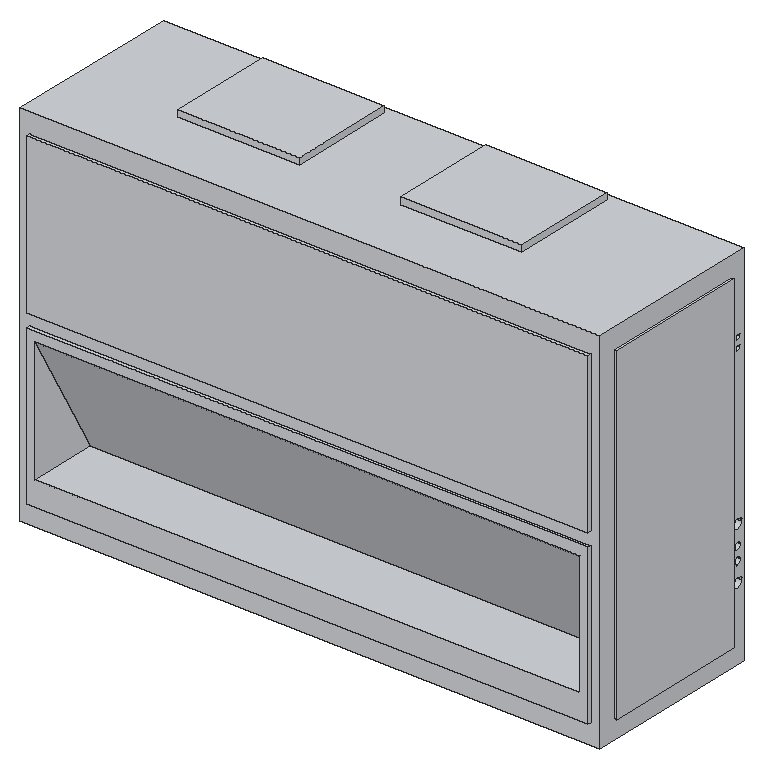
Revit family "M_Unidade de manipulação de ar - Empacotado vertical - DX - 44-88 kW", category Equipamento mecânico, Revit 2019
Family settings
  Cota do conector redondo = Usar raio
  Tipo de parte = Normal
  Número OmniClass = 23.75.35.14.17
  Título OmniClass = Modular Indoor Air Handling Units
  ID de item do Seek = Air Handling Unit - Vertical Packaged - DX - 44-88 kW-0000-CAN-ENU
  Com base no plano de trabalho = Não
  Sempre na vertical = Sim
  Corte com vazios quando carregada = Não
  Compartilhado = Não
  Ponto de cálculo do ambiente = Não
Parameters (values of type "2350 LPS")
  Pressão de trabalho [instance] = 2999219.3 Pa
  Voltagem = 480 V
  Largura de saída do ar de fornecimento = 466.7 mm
  Altura de saída do ar de fornecimento = 408 mm
  Largura da saída do ar de retorno = 2100 mm
  Altura da saída do ar de retorno = 475 mm
  Raio da fiação de alimentação = Diâmetro da fiação de alimentação / 2  # 11.115 mm
  Diâmetro da fiação de alimentação = 22.23 mm
  Raio da saída = Diâmetro da saída / 2  # 20 mm
  Diâmetro da saída = 40 mm
  Carga da operação [instance] = "4.0 lb"
  Número de pólos = 3
  Capacidade nominal [instance] = 43960.7 W
  Classificação de carga = Refrigeração
  Raio da embocadura = Diâmetro da embocadura / 2  # 15 mm
  Diâmetro da embocadura = 30 mm
  Pressão estática externa [instance] = 497.68 Pa
  Raio da drenagem = Diâmetro da drenagem / 2  # 15 mm
  Fluxo da drenagem [instance] = 0.0 L/s
  Diâmetro da drenagem = 30 mm
  Distância = 390.5 mm
  Raio da fiação de controle = Diâmetro da fiação de controle / 2  # 11.115 mm
  Diâmetro da fiação de controle = 22.23 mm
  C9 Deslocamento 1 = 1090.6 mm
  Carga aparente = 4560 VA
  Fluxo de ar = 2359.74 L/s
  Largura do AHU = 716 mm
  Material do AHU = none
  Comprimento do AHU = 2260.6 mm
  Altura do AHU = 1424 mm
Types (5, lengths in mm): name | Largura de saída do ar de fornecimento | Altura de saída do ar de fornecimento | Largura da saída do ar de retorno | Altura da saída do ar de retorno | Carga da operação | Capacidade nominal | Raio da drenagem | Diâmetro da drenagem | Distância | C9 Deslocamento 1 | Carga aparente | Fluxo de ar | Largura do AHU | Comprimento do AHU | Altura do AHU
  (no name) | 466.7 | 408 | 2100 | 475 | "4.0 lb" | 43960.7 W | 15 | 30 | 390.5 | 1090.6 | 4560 VA | 2359.74 L/s | 716 | 2260.6 | 1424
  2350 LPS | 466.7 | 408 | 2100 | 475 | "4.0 lb" | 43960.7 W | 15 | 30 | 390.5 | 1090.6 | 4560 VA | 2359.74 L/s | 716 | 2260.6 | 1424
  2820 LPS | 466.7 | 408 | 2100 | 475 | "5.0 lb" | 52752.8 W | 15 | 30 | 390.5 | 1090.6 | 5330 VA | 2831.68 L/s | 716 | 2260.6 | 1424
  3760 LPS | 466.7 | 408 | 2100 | 475 | "7.0 lb" | 70337.1 W | 15 | 30 | 390.5 | 1090.6 | 7670 VA | 3775.58 L/s | 716 | 2260.6 | 1424
  4700 LPS | 547.7 | 484.2 | 2350 | 650 | "9.0 lb" | 87921.3 W | 20 | 40 | 479.4 | 1297 | 8710 VA | 4719.47 L/s | 828.7 | 2514.6 | 1665.3
Reference planes
  plane 1 "Centro (Frente/Trás)": y = 0
  plane 2: z = 0
  plane 3 "Centro (Esquerda/Direita)": x = 0
  plane 4: y = 716
  plane 5: x = 2260.6
  plane 6: y = 703.3
  plane 7: y = 12.7
  plane 8: y = 639.8
  plane 9: y = 76.2
  plane 10: x = 50.8
  plane 11: x = 2209.8
  plane 12: x = 12.7
  plane 13: x = 2247.9
  plane 14: z = 1424
  plane 15: z = 1449.4
  plane 16: z = 1347.8
  plane 17: z = 76.2
  plane 18: z = 712
  plane 19: z = 737.4
  plane 20: z = 686.6
  plane 21: x = 419.1
  plane 22: x = 885.8
  plane 23: x = 1276.3
  plane 24: x = 1743
  plane 25: y = 674.725
  plane 26: y = 266.725
  plane 27: x = 79.375
  plane 28: z = 171.45
  plane 29: z = 646.45
  plane 30: x = 2179.375
  plane 31: z = 38.1
  plane 32: z = 280.988
  plane 33: z = 357.188
  plane 34: z = 407.988
  plane 35: z = 484.188
  plane 36: z = 1090.6
  plane 37: z = 1128.7
Forms (mm)
  Extrusion 1, solid, material <- "Material do AHU"
    sketch origin (0, 0, 0) x (1, 0, 0) y (0, 1, 0)
      loop
        line (12.7, 703.3) -> (12.7, 12.7) -> (2247.9, 12.7) -> (2247.9, 703.3) -> (12.7, 703.3)
    from 0 to 1424
  Extrusion 2, solid, material <- "Material do AHU"
    sketch origin (0, 0, 0) x (1, 0, 0) y (0, 1, 0)
      loop
        line (50.8, 716) -> (50.8, 0) -> (2209.8, 0) -> (2209.8, 716) -> (50.8, 716)
    from 737.4 to 1347.8
  Extrusion 3, solid, material <- "Material do AHU"
    sketch origin (0, 0, 0) x (1, 0, 0) y (0, 1, 0)
      loop
        line (0, 639.8) -> (0, 76.2) -> (2260.6, 76.2) -> (2260.6, 639.8) -> (0, 639.8)
    from 76.2 to 1347.8
  Extrusion 4, solid, material <- "Material do AHU"
    sketch origin (0, 0, 1665.288) x (0, -1, 0) y (1, 0, 0)
      loop
        line (-716, 50.8) -> (0, 50.8) -> (0, 2209.8) -> (-716, 2209.8) -> (-716, 50.8)
    from -1589.088 to -978.688
  Extrusion 5, solid, material <- "Material do AHU"
    sketch origin (0, 0, 0) x (1, 0, 0) y (0, 1, 0)
      loop
        line (419.1, 674.725) -> (419.1, 266.725) -> (885.8, 266.725) -> (885.8, 674.725) -> (419.1, 674.725)
    from 1424 to 1449.4
  Extrusion 6, solid, material <- "Material do AHU"
    sketch origin (0, 0, 0) x (1, 0, 0) y (0, 1, 0)
      loop
        line (1276.3, 674.725) -> (1276.3, 266.725) -> (1743, 266.725) -> (1743, 674.725) -> (1276.3, 674.725)
    from 1424 to 1449.4
  Extrusion 7, void
    sketch origin (0, 0, 0) x (0, 1, 0) y (0, 0, 1)
      loop
        line (0, 646.45) -> (0, 171.45) -> (266.725, 171.45) -> (0, 646.45)
    from 79.375 to 2179.375
  Extrusion 8, void
    sketch origin (0, 0, 0) x (0, 1, 0) y (0, 0, 1)
      loop
        circle (674.725, 76.2) r 15
    from 12.7 to 50.8
  Extrusion 9, void
    sketch origin (0, 0, 0) x (0, 1, 0) y (0, 0, 1)
      loop
        circle (674.725, 280.988) r 20
    from 2179.375 to 2247.9
  Extrusion 10, void
    sketch origin (0, 0, 0) x (0, 1, 0) y (0, 0, 1)
      loop
        circle (674.725, 357.188) r 15
    from 2209.8 to 2247.9
  Extrusion 11, void
    sketch origin (0, 0, 0) x (0, 1, 0) y (0, 0, 1)
      loop
        circle (674.725, 407.988) r 15
    from 2247.9 to 2209.8
  Extrusion 12, void
    sketch origin (0, 0, 0) x (0, 1, 0) y (0, 0, 1)
      loop
        circle (674.725, 484.188) r 20
    from 2209.8 to 2247.9
  Extrusion 13, void
    sketch origin (0, 0, 0) x (0, 1, 0) y (0, 0, 1)
      loop
        circle (674.725, 1090.6) r 11.115
    from 2209.8 to 2247.9
  Extrusion 14, void
    sketch origin (0, 0, 0) x (0, 1, 0) y (0, 0, 1)
      loop
        circle (674.725, 1128.7) r 11.115
    from 2209.8 to 2247.9
Cuts and joins
  Extrusion 7, Extrusion 8, Extrusion 9, Extrusion 10, Extrusion 11, Extrusion 12, Extrusion 13, Extrusion 14 cuts Extrusion 1
  Extrusion 13 cuts Extrusion 2
  Extrusion 7, Extrusion 13 cuts Extrusion 3
  Extrusion 7, Extrusion 13 cuts Extrusion 4
  Extrusion 13 cuts Extrusion 5
  Extrusion 13 cuts Extrusion 6
  joined: Extrusion 1, Extrusion 2, Extrusion 3, Extrusion 4, Extrusion 5, Extrusion 6
Dimensions and locks
  "Largura do AHU": plane 1 "Centro (Frente/Trás)" to plane 4
  "Comprimento do AHU": plane 3 "Centro (Esquerda/Direita)" to plane 5
  locked: plane 6 to plane 4 at 12.7
  locked: plane 1 "Centro (Frente/Trás)" to plane 7 at 12.7
  locked: plane 8 to plane 4 at 76.2
  locked: plane 1 "Centro (Frente/Trás)" to plane 9 at 76.2
  locked: plane 3 "Centro (Esquerda/Direita)" to plane 10 at 50.8
  locked: plane 11 to plane 5 at 50.8
  locked: plane 3 "Centro (Esquerda/Direita)" to plane 12 at 12.7
  locked: plane 13 to plane 5 at 12.7
  "Altura do AHU": plane 14 to plane 2
  locked: plane 15 to plane 14 at 25.4
  locked: plane 14 to plane 16 at 76.2
  locked: plane 17 to plane 2 at 76.2
  equal spacing: plane 14, plane 18, plane 2
  locked: plane 3 "Centro (Esquerda/Direita)" to plane 21 at 419.1
  "Largura de saída do ar de fornecimento": plane 21 to plane 22
  "Distância": plane 22 to plane 23
  "Largura de saída do ar de fornecimento": plane 23 to plane 24
  locked: plane 25 to plane 4 at 41.275
  "Altura de saída do ar de fornecimento": plane 25 to plane 26
  locked: plane 27 to plane 3 "Centro (Esquerda/Direita)" at 79.375
  locked: plane 28 to plane 2 at 171.45
  "Altura da saída do ar de retorno": plane 29 to plane 28
  "Largura da saída do ar de retorno": plane 30 to plane 27
  locked: plane 31 to plane 2 at 38.1
  locked: plane 32 to plane 2 at 280.988
  locked: plane 33 to plane 2 at 357.188
  locked: plane 34 to plane 2 at 407.987
  locked: plane 35 to plane 2 at 484.188
  "C9 Deslocamento 1": plane 36 to plane 2
  locked: plane 37 to plane 36 at 38.1
  locked: plane 19 to plane 18 at 25.4
  locked: plane 18 to plane 20 at 25.4
  "Raio da drenagem": radius of Extrusion 8 sketch curve
  "Raio da saída": radius of Extrusion 9 sketch curve
  "Raio da embocadura": radius of Extrusion 10 sketch curve
  "Raio da embocadura": radius of Extrusion 11 sketch curve
  "Raio da saída": radius of Extrusion 12 sketch curve
  "Raio da fiação de alimentação": radius of Extrusion 13 sketch curve
  "Raio da fiação de controle": radius of Extrusion 14 sketch curve
  aligned and locked: plane 12 to Extrusion 1 sketch curve
  aligned and locked: Extrusion 1 sketch curve to plane 13
  aligned and locked: Extrusion 1 sketch curve to plane 7
  aligned and locked: plane 6 to Extrusion 1 sketch curve
  aligned and locked: plane 14 to Extrusion 1
  aligned and locked: Extrusion 1 to plane 2
  aligned and locked: plane 10 to Extrusion 2 sketch curve
  aligned and locked: plane 4 to Extrusion 2 sketch curve
  aligned and locked: plane 1 "Centro (Frente/Trás)" to Extrusion 2 sketch curve
  aligned and locked: Extrusion 2 sketch curve to plane 11
  aligned and locked: plane 3 "Centro (Esquerda/Direita)" to Extrusion 3 sketch curve
  aligned and locked: plane 8 to Extrusion 3 sketch curve
  aligned and locked: plane 9 to Extrusion 3 sketch curve
  aligned and locked: Extrusion 3 sketch curve to plane 5
  aligned and locked: plane 16 to Extrusion 3
  aligned and locked: Extrusion 3 to plane 17
  aligned and locked: plane 16 to Extrusion 2
  aligned and locked: Extrusion 2 to plane 19
  aligned and locked: Extrusion 4 to plane 17
  aligned and locked: plane 21 to Extrusion 5 sketch curve
  aligned and locked: plane 26 to Extrusion 5 sketch curve
  aligned and locked: Extrusion 5 sketch curve to plane 22
  aligned and locked: plane 25 to Extrusion 5 sketch curve
  aligned and locked: plane 23 to Extrusion 6 sketch curve
  aligned and locked: plane 25 to Extrusion 6 sketch curve
  aligned and locked: plane 26 to Extrusion 6 sketch curve
  aligned and locked: Extrusion 6 sketch curve to plane 24
  aligned and locked: plane 15 to Extrusion 5
  aligned and locked: Extrusion 5 to plane 14
  aligned and locked: plane 15 to Extrusion 6
  aligned and locked: Extrusion 6 to plane 14
  aligned and locked: plane 1 "Centro (Frente/Trás)" to Extrusion 7 sketch curve
  aligned and locked: Extrusion 7 sketch curve to plane 28
  aligned and locked: plane 26 to Extrusion 7 sketch curve
  aligned and locked: plane 29 to Extrusion 7 sketch curve
  aligned and locked: plane 30 to Extrusion 7
  aligned and locked: Extrusion 7 to plane 27
  aligned and locked: cut or joined group 1 (Extrusion 1, Extrusion 2, Extrusion 3, Extrusion 4, Extrusion 5, Extrusion 6, Extrusion 7, Extrusion 8, Extrusion 9, Extrusion 10, Extrusion 11, Extrusion 12, Extrusion 13, Extrusion 14) to plane 20
  aligned and locked: plane 17 to Extrusion 8 sketch curve
  aligned and locked: plane 25 to Extrusion 8 sketch curve
  aligned and locked: Extrusion 8 to plane 12
  aligned and locked: plane 10 to Extrusion 8
  aligned and locked: plane 32 to Extrusion 9 sketch curve
  aligned and locked: plane 25 to Extrusion 9 sketch curve
  aligned and locked: plane 13 to Extrusion 9
  aligned and locked: Extrusion 9 to plane 30
  aligned and locked: plane 33 to Extrusion 10 sketch curve
  aligned and locked: plane 25 to Extrusion 10 sketch curve
  aligned and locked: plane 13 to Extrusion 10
  aligned and locked: Extrusion 10 to plane 11
  aligned and locked: plane 34 to Extrusion 11 sketch curve
  aligned and locked: plane 25 to Extrusion 11 sketch curve
  aligned and locked: plane 13 to Extrusion 11
  aligned and locked: Extrusion 11 to plane 11
  aligned and locked: plane 35 to Extrusion 12 sketch curve
  aligned and locked: plane 25 to Extrusion 12 sketch curve
  aligned and locked: plane 13 to Extrusion 12
  aligned and locked: Extrusion 12 to plane 11
  aligned and locked: plane 36 to Extrusion 13 sketch curve
  aligned and locked: plane 25 to Extrusion 13 sketch curve
  aligned and locked: plane 13 to Extrusion 13
  aligned and locked: Extrusion 13 to plane 11
  aligned and locked: plane 37 to Extrusion 14 sketch curve
  aligned and locked: plane 25 to Extrusion 14 sketch curve
  aligned and locked: plane 13 to Extrusion 14
  aligned and locked: Extrusion 14 to plane 11
Automatic sketch dimensions
  Extrusion 4 sketch curve to plane 4 = 0 mm
  Extrusion 4 sketch curve to plane 1 "Centro (Frente/Trás)" = 0 mm
  Extrusion 4 sketch curve to plane 10 = 0 mm
  Extrusion 4 sketch curve to plane 11 = 0 mm
Connectors
  hvac at (652.45, 470.725, 1449.4), driven by "Pressão estática externa", driven by "Fluxo de ar", driven by "Altura de saída do ar de fornecimento", driven by "Largura de saída do ar de fornecimento"
    settings: on cut or joined group 1, index 1, duct flow 2359.74 L/s, flow factor 0, pres drop 497.68 Pa, loss coef 0, conn angle 0.00°, conn width 466.7 mm, conn height 408 mm, conn diameter 609.6 mm, duct sys type 1, conn prof type 1, flow config 0, flow direction 2, loss method 4, conn ref index -1, conn util no, is conn primary yes, conn desc ""
  hvac at (1509.65, 470.725, 1449.4), driven by "Pressão estática externa", driven by "Fluxo de ar", driven by "Altura de saída do ar de fornecimento", driven by "Largura de saída do ar de fornecimento"
    settings: on cut or joined group 1, index 2, duct flow 2359.74 L/s, flow factor 0, pres drop 497.68 Pa, loss coef 0, conn angle 0.00°, conn width 466.7 mm, conn height 408 mm, conn diameter 609.6 mm, duct sys type 1, conn prof type 1, flow config 0, flow direction 2, loss method 4, conn ref index -1, conn util no, is conn primary no, conn desc ""
  hvac at (1129.375, 0, 408.95), driven by "Fluxo de ar", driven by "Altura da saída do ar de retorno", driven by "Largura da saída do ar de retorno"
    settings: on cut or joined group 1, index 3, duct flow 2359.74 L/s, flow factor 0, pres drop 0.0 Pa, loss coef 0, conn angle 0.00°, conn width 2100 mm, conn height 475 mm, conn diameter 609.6 mm, duct sys type 2, conn prof type 1, flow config 0, flow direction 1, loss method 0, conn ref index -1, conn util no, is conn primary no, conn desc ""
  piping at (2247.9, 674.725, 280.987), diameter 40, driven by "Raio da saída"
    settings: on cut or joined group 1, index 4, connector inside diameter 40 mm, connector length 0 mm, flow factor 0, pipe flow 0.0 L/s, pressure drop 2999219.3 Pa, fitting loss kfactor 0, connector angle 0.00°, fixture units 0, engagement length 0 mm, angle of deflection 0.00°, flow configuration 1, flow direction 2, fitting loss method 0, system type 22, joint type 0, gender type 0, connector reference index 5, connector utility 0, adjustable connector no, is connector primary yes, connector description "Saída"
  piping at (2247.9, 674.725, 357.187), diameter 30, driven by "Raio da embocadura"
    settings: on cut or joined group 1, index 5, connector inside diameter 30 mm, connector length 0 mm, flow factor 0, pipe flow 0.0 L/s, pressure drop 0.0 Pa, fitting loss kfactor 0, connector angle 0.00°, fixture units 0, engagement length 0 mm, angle of deflection 0.00°, flow configuration 1, flow direction 1, fitting loss method 0, system type 22, joint type 0, gender type 0, connector reference index 4, connector utility 0, adjustable connector no, is connector primary no, connector description "In"
  piping at (2247.9, 674.725, 407.987), diameter 30, driven by "Raio da embocadura"
    settings: on cut or joined group 1, index 6, connector inside diameter 30 mm, connector length 0 mm, flow factor 0, pipe flow 0.0 L/s, pressure drop 0.0 Pa, fitting loss kfactor 0, connector angle 0.00°, fixture units 0, engagement length 0 mm, angle of deflection 0.00°, flow configuration 1, flow direction 1, fitting loss method 0, system type 22, joint type 0, gender type 0, connector reference index 7, connector utility 0, adjustable connector no, is connector primary no, connector description "In"
  piping at (2247.9, 674.725, 484.187), diameter 40, driven by "Raio da saída"
    settings: on cut or joined group 1, index 7, connector inside diameter 40 mm, connector length 0 mm, flow factor 0, pipe flow 0.0 L/s, pressure drop 2999219.3 Pa, fitting loss kfactor 0, connector angle 0.00°, fixture units 0, engagement length 0 mm, angle of deflection 0.00°, flow configuration 1, flow direction 2, fitting loss method 0, system type 22, joint type 0, gender type 0, connector reference index 6, connector utility 0, adjustable connector no, is connector primary no, connector description "Saída"
  piping at (12.7, 674.725, 76.2), diameter 30, driven by "Fluxo da drenagem", driven by "Raio da drenagem"
    settings: on cut or joined group 1, index 8, connector inside diameter 30 mm, connector length 0 mm, flow factor 0, pipe flow 0.0 L/s, pressure drop 0.0 Pa, fitting loss kfactor 0, connector angle 0.00°, fixture units 0, engagement length 0 mm, angle of deflection 0.00°, flow configuration 1, flow direction 2, fitting loss method 0, system type 16, joint type 0, gender type 0, connector reference index -1, connector utility 0, adjustable connector yes, is connector primary no, connector description "Saída da drenagem"
  electrical at (2247.9, 674.725, 1090.6), driven by "Carga aparente", driven by "Voltagem", driven by "Número de pólos", driven by "Classificação de carga"
    settings: on cut or joined group 1, index 9, voltage 480 V, apparent load 4560 VA, apparent load phase1 0 VA, apparent load phase2 0 VA, apparent load phase3 0 VA, power factor 0.8, load classification "Refrigeração", number of poles 3, system type 30, power factor state 1, is connector primary yes, connector utility no, sub classification motor no, connector description ""
  electrical at (2247.9, 674.725, 1128.7)
    settings: on cut or joined group 1, index 10, voltage 0 V, apparent load 0 VA, apparent load phase1 0 VA, apparent load phase2 0 VA, apparent load phase3 0 VA, power factor 1, load classification "Outros", number of poles 1, system type 13, power factor state 1, is connector primary no, connector utility no, sub classification motor no, connector description ""
